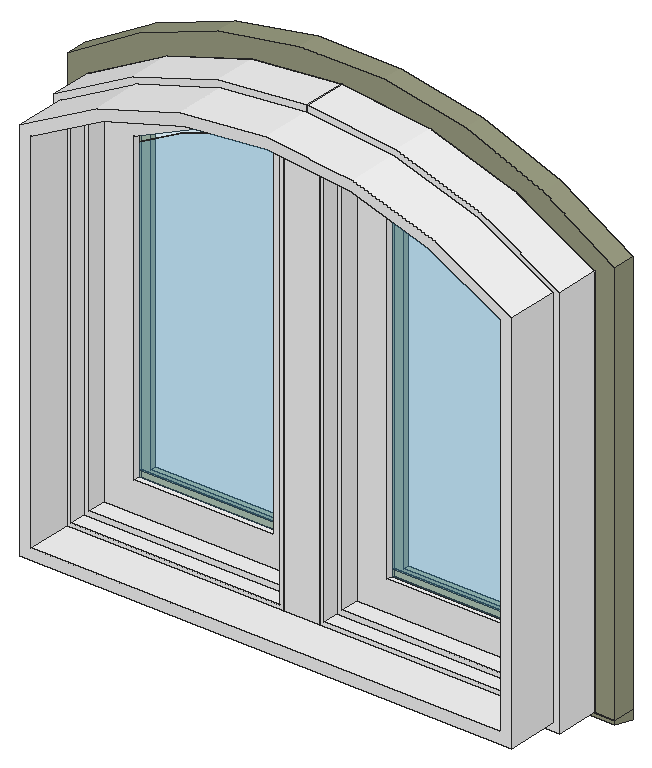
Revit family
Parameters (values of type "2Ft 8In W x 2Ft 6In H (KUS226-SEG)")
  URL = "http://www.kolbe-kolbe.com/productoverview/index.cfm?page=ultrapoc&source=model"
  SmartBIM Object Version = 1  # constant formula
  SmartBIM Object Created By = "Reed Construction Data"  # constant formula
  Sill Nosing = yes
  Sill Extension = if([2In Brickmould], 0' 1 79/256", 0' 0")  # 0' - 1 79/256"
  Show Hinge = yes
  Rough Width = Width + 0' 0 1/2"  # 2' - 8 1/2"
  Rough Height = Height + 0' 0 1/2"  # 2' - 6 1/2"
  Radius = ((Width ^ 2) + (4 * (Drop ^ 2))) / (8 * Drop)  # 2' - 4.1"
  Model = "KUS226-SEG"
  Manufacturer = "Kolbe & Kolbe Millwork Co., Inc."  # constant formula
  Interior Material = Kolbe Ultra Pure White
  Height = 2' - 6"
  Glass Pane Material = Glass
  Exterior Wall Offset = 0' - 0"
  Exterior Sash and Grille Material = Kolbe Spiced Vinegar
  Extension Jamb and Trim Material = Kolbe Bay Leaf
  Emergency Escape & Rescue Opening = no
  Description = "Kolbe Ultra 2-Wide Segment Head Push Out Casement"  # constant formula
  Default Sill Height = 3' - 0"
  Wall Closure = (empty or 0)
  Width = 2' - 8"
  Drop = 0' - 5"
  Curve Adjustment = Height - (Height - Radius)  # 2' - 4.1"
  Assembly Code = ""
  95 CSI = "08550"  # constant formula
  2In Brickmould = yes
  04 CSI = "08 52 00"  # constant formula
Reference planes (in)
  plane 1 "Center (Front/Back)": y = 0
  plane 2: z = 0
  plane 3 "Center (Left/Right)": x = 3.36576
  plane 4 "Left": x = -12.63424
  plane 5 "Right": x = 19.36576
  plane 6 "Sill": z = 36
  plane 7 "Top": z = 66
  plane 8: z = 61
  plane 9: z = 37.9
  plane 10 "Exterior Wall Edge": y = 3
  plane 11 "Exterior Wall Offset Plane": y = 3
  plane 12 "Jamb Extension Left": x = -12.19674
  plane 13 "Jamb Extension Right": x = 18.92826
  plane 14 "Right Sill Edge": x = 20.67436
  plane 15 "Left Sill Edge": x = -13.94283
  plane 16 "Exterior Edge of Glass": y = 3.36195
  plane 17: y = 3.23695
  plane 18 "Interior Edge of Glass": y = 2.48395
  plane 19: y = 2.60895
  plane 20 "Right Sash Interior Edge": x = 2.4517
  plane 21: x = 4.65483
  plane 22 "Left Interior Glass Edge": x = 0.30326
  plane 23 "Right Interior Glass Edge": x = 6.42826
  plane 24 "Top of Hinge": z = 62.78928
  plane 25 "Top of Mull": z = 65
  plane 26: z = 65.5
  plane 27: x = 16.30326
  plane 28: x = 4.27983
  plane 29: x = -9.57174
Forms (in)
  Sweep 1, solid, material "Kolbe Bay Leaf" <- "Extension Jamb and Trim Material", visible <- "2In Brickmould"
    path origin (0, 3, 0) x (-1, 0, 0) y (0, 0, 1)
      loop
        line (12.63424, 36) -> (12.63424, 61)
        arc (12.63424, 61) -> (-3.36576, 66) -> (-19.36576, 61) r 28.1
        line (-19.36576, 61) -> (-19.36576, 36)
    profile "Profile-2In Brickmould : Profile-2In Brickmould" origin (19.36576, 3, 48.5) x (-1, 0, 0) y (0, 1, 0)
      loop
        line (0.65319, 1.30759) -> (0.62043, 1.37785) -> (-0.24542, 1.37785) -> (-0.665, 1.1906) -> (-0.99542, 1.31535) -> (-0.99542, 1.37785) -> (-1.30792, 1.37785) -> (-1.30792, 0) -> (0, 0) -> (0, 1.30759) -> (0.65319, 1.30759)
  Sweep 2, solid, material "Kolbe Spiced Vinegar" <- "Exterior Sash and Grille Material"
    path origin (0, 3, 0) x (-1, 0, 0) y (0, 0, 1)
      loop
        line (-19.36576, 61) -> (-19.36576, 36) -> (-3.36576, 36) -> (-3.36576, 66)
        arc (-3.36576, 66) -> (-11.74729, 64.72089) -> (-19.36576, 61) r 28.1
    profile origin (19.36576, 3, 48.5) x (0, 1, 0) y (-1, 0, 0)
      loop
        line (0.79859, 3.5625) -> (0.42359, 3.5625) -> (0.42359, 2.9375) -> (0, 2.9375) -> (0, 0.9375) -> (0.79859, 0.9375) -> (0.79859, 3.5625)
  Sweep 3, solid, material "Kolbe Ultra Pure White" <- "Interior Material"
    path origin (0, 3, 0) x (-1, 0, 0) y (0, 0, 1)
      loop
        line (-19.36576, 61) -> (-19.36576, 36) -> (-3.36576, 36) -> (-3.36576, 66)
        arc (-3.36576, 66) -> (-11.74729, 64.72089) -> (-19.36576, 61) r 28.1
    profile origin (19.36576, 3, 48.5) x (0, 1, 0) y (-1, 0, 0)
      loop
        line (-0.51391, 3.5625) -> (-0.88891, 3.5625) -> (-0.88891, 0.9375) -> (0, 0.9375) -> (0, 2.9375) -> (-0.51391, 2.9375) -> (-0.51391, 3.5625)
  Sweep 4, solid, material "Kolbe Bay Leaf" <- "Extension Jamb and Trim Material"
    path origin (0, 3, 0) x (-1, 0, 0) y (0, 0, 1)
      loop
        line (-19.36576, 61) -> (-19.36576, 36) -> (12.63424, 36) -> (12.63424, 61)
        arc (12.63424, 61) -> (-3.36576, 66) -> (-19.36576, 61) r 28.1
    profile origin (19.36576, 3, 48.5) x (0, 1, 0) y (-1, 0, 0)
      loop
        line (0, 0.9375) -> (0, 0) -> (1.30734, 0) -> (1.30734, 0.65319) -> (0.79859, 0.69797) -> (0.79859, 0.9375) -> (0, 0.9375)
  Sweep 5, solid, material "Kolbe Ultra Pure White" <- "Interior Material"
    path origin (0, 3, 0) x (-1, 0, 0) y (0, 0, 1)
      loop
        line (-18.92826, 60.85235) -> (-18.92826, 36.4375) -> (12.19674, 36.4375) -> (12.19674, 60.85235)
        arc (12.19674, 60.85235) -> (-3.36576, 65.63088) -> (-18.92826, 60.85235) r 27.73088
    profile origin (18.92826, 3, 48.64492) x (0, 1, 0) y (-1, 0, 0)
      loop
        line (-6, 0) -> (-2.75, 0) -> (-2.75, 0.6875) -> (-6, 0.6875) -> (-6, 0)
  Sweep 6, solid, material "Kolbe Bay Leaf" <- "Extension Jamb and Trim Material", visible <- "Sill Nosing"
    path origin (0, 3, 0) x (-1, 0, 0) y (0, 0, 1)
      loop
        line (13.94283, 36) -> (-20.67436, 36)
    profile "Profile-Sill-Standard-Extrusion : Profile-Sill-Standard-Extrusion" origin (3.36576, 3, 36) x (0, 0, -1) y (0, 1, 0)
      loop
        line (0, 1.37967) -> (0, 0) -> (0.24614, 0) -> (0.59013, 1.37967) -> (0, 1.37967)
  Sweep 7, solid, material "Kolbe Ultra Pure White" <- "Interior Material"
    path origin (0, 3, 0) x (-1, 0, 0) y (0, 0, 1)
      loop
        line (-19.36576, 61) -> (-19.36576, 36) -> (-3.36576, 36) -> (-3.36576, 66)
        arc (-3.36576, 66) -> (-11.74729, 64.72089) -> (-19.36576, 61) r 28.1
    profile origin (19.36576, 3, 48.5) x (0, 1, 0) y (-1, 0, 0)
      loop
        line (-2.10766, 1.6875) -> (-2.10766, 1.375) -> (-3.13891, 1.375) -> (-3.13891, 1.12644) -> (-0.88891, 1.12644) -> (-0.88891, 1.6875) -> (-2.10766, 1.6875)
  Sweep 8, solid, material "Kolbe Ultra Pure White" <- "Interior Material"
    path origin (0, 3, 0) x (-1, 0, 0) y (0, 0, 1)
      loop
        line (12.63424, 36) -> (12.63424, 61)
        arc (12.63424, 61) -> (5.01576, 64.72089) -> (-3.36576, 66) r 28.1
        line (-3.36576, 66) -> (-3.36576, 36) -> (12.63424, 36)
    profile origin (-12.63424, 3, 48.5) x (1, 0, 0) y (0, 1, 0)
      loop
        line (3.5625, -0.51391) -> (2.9375, -0.51391) -> (2.9375, 0) -> (0.9375, 0) -> (0.9375, -0.88891) -> (3.5625, -0.88891) -> (3.5625, -0.51391)
  Sweep 9, solid, material "Kolbe Spiced Vinegar" <- "Exterior Sash and Grille Material"
    path origin (0, 3, 0) x (-1, 0, 0) y (0, 0, 1)
      loop
        line (12.63424, 36) -> (12.63424, 61)
        arc (12.63424, 61) -> (5.01576, 64.72089) -> (-3.36576, 66) r 28.1
        line (-3.36576, 66) -> (-3.36576, 36) -> (12.63424, 36)
    profile origin (-12.63424, 3, 48.5) x (1, 0, 0) y (0, 1, 0)
      loop
        line (0.9375, 0.79859) -> (0.9375, 0) -> (2.9375, 0) -> (2.9375, 0.42359) -> (3.5625, 0.42359) -> (3.5625, 0.79859) -> (0.9375, 0.79859)
  Extrusion 10, solid, material "Glass" <- "Glass Pane Material"
    sketch origin (0, 3, 0) x (-1, 0, 0) y (0, 0, 1)
      loop
        line (-16.30326, 58.91866) -> (-16.30326, 39.4375) -> (-6.42826, 39.4375) -> (-6.42826, 62.45314)
        arc (-6.42826, 62.45314) -> (-11.55587, 61.21702) -> (-16.30326, 58.91866) r 24.65825
      loop
        line (9.57174, 39.4375) -> (9.57174, 58.91866)
        arc (9.57174, 58.91866) -> (4.82434, 61.21702) -> (-0.30326, 62.45314) r 24.65825
        line (-0.30326, 62.45314) -> (-0.30326, 39.4375) -> (9.57174, 39.4375)
    from 0.23695 to 0.36195
  Extrusion 11, solid, material "Glass" <- "Glass Pane Material"
    sketch origin (0, 2.37201, 0) x (-1, 0, 0) y (0, 0, 1)
      loop
        line (-16.30326, 59.3558) -> (-16.30326, 39.4375) -> (-6.42826, 39.4375) -> (-6.42826, 62.80989)
        arc (-6.42826, 62.80989) -> (-11.54843, 61.60508) -> (-16.30326, 59.3558) r 25.00398
      loop
        line (9.57174, 39.4375) -> (9.57174, 58.26664)
        arc (9.57174, 58.26664) -> (4.8338, 60.61831) -> (-0.30326, 61.87882) r 24.08054
        line (-0.30326, 61.87882) -> (-0.30326, 39.4375) -> (9.57174, 39.4375)
    from 0.11195 to 0.23695
  Sweep 12, solid, material "Kolbe Ultra Pure White" <- "Interior Material"
    path origin (6.73153, 3, 0) x (1, 0, 0) y (0, 0, 1)
      loop
        line (-19.36576, 61) -> (-19.36576, 36) -> (-3.36576, 36) -> (-3.36576, 66)
        arc (-3.36576, 66) -> (-11.74729, 64.72089) -> (-19.36576, 61) r 28.1
    profile origin (-12.63424, 3, 48.5) x (0, 1, 0) y (-1, 0, 0)
      loop
        line (-2.10766, -1.6875) -> (-0.88891, -1.6875) -> (-0.88891, -1.125) -> (-3.13891, -1.125) -> (-3.13891, -1.375) -> (-2.10766, -1.375) -> (-2.10766, -1.6875)
  Sweep 13, solid, material "Kolbe Ultra Pure White" <- "Interior Material"
    path origin (-8, 3, 0) x (-1, 0, 0) y (0, 0, 1)
      loop
        line (-11.36576, 66) -> (-11.36576, 36) -> (4.63424, 36) -> (4.63424, 61)
        arc (4.63424, 61) -> (-2.98424, 64.72089) -> (-11.36576, 66) r 28.1
    profile origin (3.36576, 3, 51) x (0, 1, 0) y (-1, 0, 0)
      loop
        line (-2.74828, 1.12644) -> (-2.74828, 0) -> (0, 0) -> (0, 0.9375) -> (-0.88891, 0.9375) -> (-0.88891, 1.12644) -> (-2.74828, 1.12644)
  Extrusion 14, solid, material "Kolbe Ultra Pure White" <- "Interior Material"
    sketch origin (0, 0, 36) x (0, -1, 0) y (1, 0, 0)
      loop
        line (0.13891, 2.24076) -> (0.13891, 4.4922) -> (-0.25172, 4.4922) -> (-0.25172, 2.24076) -> (0.13891, 2.24076)
    from 1.125 to 29
  Extrusion 15, solid, material "Kolbe Bay Leaf" <- "Extension Jamb and Trim Material"
    sketch origin (0, 0, 36) x (0, -1, 0) y (1, 0, 0)
      loop
        line (-3.79859, 2.42826) -> (-3, 2.42826) -> (-3, 4.30326) -> (-3.79859, 4.30326) -> (-3.79859, 4.04175) -> (-4.30759, 3.99695) -> (-4.30759, 2.73458) -> (-3.79859, 2.68978) -> (-3.79859, 2.42826)
    from 0 to 29.5
  Sweep 16, solid, material "Kolbe Ultra Pure White" <- "Interior Material"
    path origin (14.73153, 3, 0) x (1, 0, 0) y (0, 0, 1)
      loop
        line (-11.36576, 66) -> (-11.36576, 36) -> (4.63424, 36) -> (4.63424, 61)
        arc (4.63424, 61) -> (-2.98424, 64.72089) -> (-11.36576, 66) r 28.1
    profile origin (3.36576, 3, 51) x (0, 1, 0) y (-1, 0, 0)
      loop
        line (-2.74828, -1.12644) -> (-0.88891, -1.12644) -> (-0.88891, -0.9375) -> (0, -0.9375) -> (0, 0) -> (-2.74828, 0) -> (-2.74828, -1.12644)
Cuts and joins
  joined: Sweep 4, Extrusion 15
Lines and regions (in)
  Opening 1
    outline origin (-60, -3, 0) x (1, 0, 0) y (0, 0, 1)
      loop
        line (47.36576, 61) -> (47.36576, 36) -> (79.36576, 36) -> (79.36576, 61)
        arc (79.36576, 61) -> (63.36576, 66) -> (47.36576, 61) r 28.1
  symbolic lines, style "Windows"
    curve 1: line (3.36576, 4.30759, 36) -> (3.36576, 3, 36)
Text (in)
  text "EXTERIOR" at (-41.72184, 17.60613, 0), in view "Ref. Level"
  text "INTERIOR" at (-41.72184, -10.16343, 0), in view "Ref. Level"
  text "Exterior" at (0, 43.65631, 123.19604), in view "Left"
  text "Exterior" at (0, 18.29385, 125.04747), in view "Right"
Dimensions and locks (in)
  equal spacing: plane 4 "Left", plane 3 "Center (Left/Right)", plane 5 "Right"
  "Height": plane 6 "Sill" to plane 7 "Top"
  "Default Sill Height": plane 2 to plane 6 "Sill"
  "Width": plane 4 "Left" to plane 5 "Right"
  "Drop": plane 8 to plane 7 "Top"
  "Curve Adjustment": plane 9 to plane 7 "Top"
  "Exterior Wall Offset": host wall to plane 11 "Exterior Wall Offset Plane"
  locked: plane 13 "Jamb Extension Right" to plane 5 "Right" at 0.4375
  locked: plane 4 "Left" to plane 12 "Jamb Extension Left" at 0.4375
  locked: Sweep 5 sketch curve to plane 13 "Jamb Extension Right" at 0.6875
  "Sill Extension": plane 5 "Right" to plane 14 "Right Sill Edge"
  "Sill Extension": plane 4 "Left" to plane 15 "Left Sill Edge"
  locked: plane 16 "Exterior Edge of Glass" to plane 11 "Exterior Wall Offset Plane" at 0.36195
  locked: plane 16 "Exterior Edge of Glass" to plane 17 at 0.125
  locked: plane 18 "Interior Edge of Glass" to plane 11 "Exterior Wall Offset Plane" at 0.51605
  locked: plane 19 to plane 18 "Interior Edge of Glass" at 0.125
  locked: plane 3 "Center (Left/Right)" to plane 20 "Right Sash Interior Edge" at 0.91406
  locked: plane 21 to plane 23 "Right Interior Glass Edge" at 1.77344
  host wall to host wall = 10' - 0"
  locked: plane 24 "Top of Hinge" to plane 7 "Top" at 3.21072
  locked: plane 7 "Top" to plane 25 "Top of Mull" at 1
  equal spacing: plane 25 "Top of Mull", plane 26, plane 7 "Top"
  locked: plane 27 to plane 5 "Right" at 3.0625
  locked: plane 22 "Left Interior Glass Edge" to plane 20 "Right Sash Interior Edge" at 2.14844
  plane 23 "Right Interior Glass Edge" to plane 28 = 0' - 2 19/128"
  locked: plane 4 "Left" to plane 29 at 3.0625
  locked: Extrusion 11 sketch curve to Sweep 2 at 0.125
  locked: Extrusion 11 sketch curve to Sweep 9 at 0.125
  locked: Extrusion 10 sketch curve to Sweep 2 at 0.125
  locked: Extrusion 10 sketch curve to Sweep 9 at 0.125
  locked: Extrusion 10 sketch curve to plane 8 at 2.08134  (x2)
  "Radius": radius of Opening 1 sketch curve
  aligned and locked: plane 6 "Sill" to Opening 1 sketch curve  (x2)
  aligned and locked: plane 5 "Right" to Opening 1 sketch curve
  aligned and locked: plane 4 "Left" to Opening 1 sketch curve
  aligned and locked: host wall to plane 10 "Exterior Wall Edge"
  aligned and locked: plane 5 "Right" to Sweep 1 sketch curve
  aligned and locked: plane 4 "Left" to Sweep 1 sketch curve
  aligned and locked: plane 6 "Sill" to Sweep 1 sketch curve  (x2)
  aligned and locked: Sweep 2 sketch curve to plane 5 "Right"
  aligned and locked: plane 6 "Sill" to Sweep 2 sketch curve
  aligned and locked: Sweep 5 sketch curve to plane 13 "Jamb Extension Right"
  aligned and locked: Sweep 5 sketch curve to plane 12 "Jamb Extension Left"
  aligned and locked: plane 13 "Jamb Extension Right" to Sweep 5 sketch curve
  aligned and locked: Sweep 5 sketch curve to host wall
  aligned and locked: Sweep 3 sketch curve to plane 6 "Sill"
  aligned and locked: Sweep 4 sketch curve to plane 6 "Sill"
  aligned and locked: Sweep 6 sketch curve to plane 6 "Sill"
  aligned and locked: plane 14 "Right Sill Edge" to Sweep 6 sketch curve
  aligned and locked: plane 15 "Left Sill Edge" to Sweep 6 sketch curve
  aligned and locked: Sweep 8 sketch curve to plane 4 "Left"
  aligned and locked: Sweep 8 sketch curve to plane 6 "Sill"
  aligned and locked: Sweep 1 sketch curve to host wall
  aligned and locked: Sweep 2 sketch curve to host wall
  aligned and locked: Sweep 8 sketch curve to host wall
  aligned and locked: Extrusion 10 sketch curve to plane 22 "Left Interior Glass Edge"
  aligned and locked: Extrusion 10 sketch curve to plane 23 "Right Interior Glass Edge"
  aligned and locked: Extrusion 10 to plane 17
  aligned and locked: Extrusion 10 to plane 16 "Exterior Edge of Glass"
  aligned and locked: Extrusion 11 to plane 18 "Interior Edge of Glass"
  aligned and locked: Extrusion 11 to plane 19
  aligned and locked: plane 3 "Center (Left/Right)" to Sweep 8 sketch curve
  aligned and locked: plane 3 "Center (Left/Right)" to Sweep 9 sketch curve
  aligned and locked: plane 3 "Center (Left/Right)" to Sweep 3 sketch curve
  aligned and locked: Sweep 2 sketch curve to plane 3 "Center (Left/Right)"
  aligned and locked: Sweep 7 sketch curve to plane 3 "Center (Left/Right)"
  aligned and locked: Sweep 12 sketch curve to plane 3 "Center (Left/Right)"
  aligned and locked: plane 6 "Sill" to Sweep 12 sketch curve
  aligned and locked: Sweep 12 sketch curve to plane 4 "Left"
  aligned and locked: plane 4 "Left" to Sweep 13 sketch curve
  aligned and locked: plane 3 "Center (Left/Right)" to Sweep 13 sketch curve
  aligned and locked: Sweep 13 sketch curve to plane 6 "Sill"
  aligned and locked: Sweep 13 sketch curve to host wall
  aligned and locked: Extrusion 14 to Sweep 5
  aligned and locked: plane 25 "Top of Mull" to Extrusion 14
  aligned and locked: Sweep 4 sketch curve to plane 4 "Left"
  aligned and locked: plane 11 "Exterior Wall Offset Plane" to Extrusion 15 sketch curve
  aligned and locked: plane 11 "Exterior Wall Offset Plane" to curve 1
  aligned and locked: Sweep 3 sketch curve to Sweep 4
  aligned and locked: Sweep 4 to Sweep 9 sketch curve
  aligned and locked: Sweep 9 to Sweep 8 sketch curve
  aligned and locked: Extrusion 15 sketch curve to Sweep 9
  aligned and locked: Sweep 13 sketch curve to Sweep 9
  aligned and locked: Sweep 13 sketch curve to Sweep 8  (x2)
  aligned and locked: Sweep 13 sketch curve to curve 1
  aligned and locked: plane 5 "Right" to Sweep 16 sketch curve  (x2)
  aligned and locked: plane 3 "Center (Left/Right)" to Sweep 16 sketch curve
  aligned and locked: plane 6 "Sill" to Sweep 16 sketch curve
  aligned and locked: plane 6 "Sill" to Extrusion 15
  aligned and locked: plane 26 to Extrusion 15
  aligned and locked: plane 27 to Extrusion 10
  aligned and locked: plane 27 to Extrusion 11
  aligned and locked: plane 29 to Extrusion 10
  aligned and locked: plane 29 to Extrusion 11
  aligned and locked: Extrusion 11 sketch curve to plane 22 "Left Interior Glass Edge"
  aligned and locked: plane 29 to Extrusion 11 sketch curve  (x2)
  aligned and locked: plane 22 "Left Interior Glass Edge" to Extrusion 10 sketch curve
  aligned and locked: Sweep 2 to nested 2  (x2)
  aligned and locked: nested 2 to Sweep 2  (x2)
  aligned and locked: nested 1 to Sweep 9  (x4)
  aligned and locked: Sweep 7 sketch curve to Sweep 16
  aligned and locked: Extrusion 14 sketch curve to Sweep 7  (x2)
  aligned and locked: Extrusion 14 sketch curve to Sweep 12
  aligned and locked: Extrusion 14 sketch curve to Sweep 16
  aligned and locked: plane 4 "Left" to Sweep 9 sketch curve
  aligned and locked: plane 4 "Left" to Sweep 8 sketch curve
  aligned and locked: plane 29 to Extrusion 10 sketch curve  (x2)
  aligned and locked: plane 27 to Extrusion 10 sketch curve
  aligned and locked: plane 23 "Right Interior Glass Edge" to Extrusion 11 sketch curve
  aligned and locked: plane 22 "Left Interior Glass Edge" to Extrusion 11 sketch curve
  aligned and locked: plane 27 to Extrusion 11 sketch curve
Automatic sketch dimensions
  Sweep 12 sketch curve to plane 9 = 0' - 0"
  Sweep 12 sketch curve to plane 8 = 0' - 0"
  Sweep 16 sketch curve to plane 9 = 0' - 0"
  Sweep 16 sketch curve to plane 8 = 0' - 0"
  Opening 1 sketch curve to plane 3 "Center (Left/Right)" = 0' - 0"
  Opening 1 sketch curve to plane 9 = 0' - 0"
  Sweep 3 sketch curve to plane 5 "Right" = 0' - 0"
  Sweep 3 sketch curve to plane 9 = 0' - 0"
  Sweep 3 sketch curve to plane 8 = 0' - 0"
  Sweep 4 sketch curve to plane 5 "Right" = 0' - 0"
  Sweep 4 sketch curve to plane 3 "Center (Left/Right)" = 0' - 0"
  Sweep 4 sketch curve to plane 9 = 0' - 0"
  Sweep 4 sketch curve to plane 8 = 0' - 0"
  Sweep 5 sketch curve to plane 3 "Center (Left/Right)" = 0' - 0"
  Sweep 5 sketch curve to plane 9 = 0' - 0"
  Sweep 5 sketch curve to plane 6 "Sill" = 0' - 0 7/16"
  Sweep 5 sketch curve to plane 8 = 0' - 0.14765"
  Sweep 5 sketch curve to plane 11 "Exterior Wall Offset Plane" = 0' - 2 3/4"
  Sweep 7 sketch curve to plane 5 "Right" = 0' - 0"
  Sweep 7 sketch curve to plane 6 "Sill" = 0' - 0"
  Sweep 7 sketch curve to plane 9 = 0' - 0"
  Sweep 7 sketch curve to plane 8 = 0' - 0"
  curve 1 to plane 3 "Center (Left/Right)" = 0' - 0"
  plane 16 "Exterior Edge of Glass" to curve 1 = 0' - 0.94565"
  Sweep 4 sketch curve to plane 11 "Exterior Wall Offset Plane" = 0' - 0"
  Sweep 4 sketch curve to profile plane = 0' - 0"
  plane 11 "Exterior Wall Offset Plane" to Sweep 4 sketch curve = 0' - 0.79859"
  Sweep 4 sketch curve to profile plane = 0' - 0.65319"
  Sweep 4 sketch curve to Sweep 4 sketch curve = 0' - 0.50875"
  Sweep 4 sketch curve to Sweep 4 sketch curve = 0' - 0.04478"
  Sweep 4 sketch curve to Sweep 4 sketch curve = 0' - 0.23953"
  Sweep 3 sketch curve to plane 11 "Exterior Wall Offset Plane" = 0' - 0"
  Sweep 3 sketch curve to plane 11 "Exterior Wall Offset Plane" = 0' - 0.51391"
  Sweep 3 sketch curve to Sweep 3 sketch curve = 0' - 2"
  Sweep 3 sketch curve to Sweep 3 sketch curve = 0' - 0 5/8"
  Sweep 2 sketch curve to plane 11 "Exterior Wall Offset Plane" = 0' - 0"
  plane 11 "Exterior Wall Offset Plane" to Sweep 2 sketch curve = 0' - 0.42359"
  plane 11 "Exterior Wall Offset Plane" to Sweep 2 sketch curve = 0' - 0.79859"
  Sweep 2 sketch curve to profile plane = 0' - 0 15/16"
  Sweep 2 sketch curve to Sweep 2 sketch curve = 0' - 2"
  Sweep 2 sketch curve to Sweep 2 sketch curve = 0' - 0 5/8"
  Sweep 16 sketch curve to profile plane = 0' - 0"
  Sweep 16 sketch curve to plane 11 "Exterior Wall Offset Plane" = 0' - 0"
  Sweep 16 sketch curve to plane 11 "Exterior Wall Offset Plane" = 0' - 0.88891"
  Sweep 16 sketch curve to Sweep 16 sketch curve = 0' - 1 55/64"
  profile plane to Sweep 16 sketch curve = 0' - 0 15/16"
  Sweep 16 sketch curve to Sweep 16 sketch curve = 0' - 0.18894"
  Sweep 7 sketch curve to plane 11 "Exterior Wall Offset Plane" = 0' - 3.13891"
  Sweep 7 sketch curve to Sweep 7 sketch curve = 0' - 1 1/32"
  Sweep 7 sketch curve to plane 11 "Exterior Wall Offset Plane" = 0' - 0.88891"
  Sweep 7 sketch curve to Sweep 7 sketch curve = 0' - 0.24856"
  Sweep 7 sketch curve to Sweep 7 sketch curve = 0' - 0.56106"
  Sweep 9 sketch curve to profile plane = 0' - 0 15/16"
  Sweep 9 sketch curve to Sweep 9 sketch curve = 0' - 2"
  Sweep 9 sketch curve to Sweep 9 sketch curve = 0' - 0 5/8"
  plane 11 "Exterior Wall Offset Plane" to Sweep 9 sketch curve = 0' - 0.42359"
  plane 11 "Exterior Wall Offset Plane" to Sweep 9 sketch curve = 0' - 0.79859"
  Sweep 8 sketch curve to profile plane = 0' - 0 15/16"
  Sweep 8 sketch curve to Sweep 8 sketch curve = 0' - 2"
  Sweep 8 sketch curve to Sweep 8 sketch curve = 0' - 0 5/8"
  Sweep 8 sketch curve to Sweep 8 sketch curve = 0' - 0.51391"
  Sweep 8 sketch curve to Sweep 8 sketch curve = 0' - 0.88891"
  profile plane to Sweep 12 sketch curve = 0' - 1 1/8"
  Sweep 12 sketch curve to plane 11 "Exterior Wall Offset Plane" = 0' - 3.13891"
  Sweep 12 sketch curve to Sweep 12 sketch curve = 0' - 1 1/32"
  Sweep 12 sketch curve to plane 11 "Exterior Wall Offset Plane" = 0' - 0.88891"
  Sweep 12 sketch curve to Sweep 12 sketch curve = 0' - 0 1/4"
  Sweep 12 sketch curve to Sweep 12 sketch curve = 0' - 0 5/16"
  Extrusion 15 sketch curve to plane 28 = 0' - 0 3/128"
  plane 16 "Exterior Edge of Glass" to Extrusion 15 sketch curve = 0' - 0.43665"  (x2)
  plane 20 "Right Sash Interior Edge" to Extrusion 15 sketch curve = 0' - 0.28287"
  Extrusion 15 sketch curve to Extrusion 15 sketch curve = 0' - 0.509"
  plane 20 "Right Sash Interior Edge" to Extrusion 15 sketch curve = 0' - 0.23807"
  plane 28 to Extrusion 15 sketch curve = 0' - 0.23807"
  plane 28 to Extrusion 15 sketch curve = 0' - 0.28287"
  Sweep 9 sketch curve to plane 6 "Sill" = 0' - 0"
  Sweep 9 sketch curve to plane 9 = 0' - 0"
  Sweep 9 sketch curve to plane 8 = 0' - 0"
  plane 3 "Center (Left/Right)" to Extrusion 11 sketch curve = 0' - 0.07281"
  Extrusion 11 sketch curve to plane 3 "Center (Left/Right)" = 0' - 0.07281"
  plane 9 to Extrusion 11 sketch curve = 0' - 0.10326"  (x2)
  Extrusion 11 sketch curve to plane 8 = 0' - 1.6442"
  plane 24 "Top of Hinge" to Extrusion 11 sketch curve = 0' - 0.91046"
  plane 3 "Center (Left/Right)" to Extrusion 10 sketch curve = 0' - 0.11941"
  Extrusion 10 sketch curve to plane 3 "Center (Left/Right)" = 0' - 0.11941"
  plane 9 to Extrusion 10 sketch curve = 0' - 0.10105"  (x2)
Nested families (in)
  nested 1: "Swing_Elevation" at (-0.19674, 0, 39.5625) x (-1, 0, 0) z (0, 1, 0), visible <- "Show Hinge", type "Swing_Elevation"
    with Width 0' - 8 7/8", Height 1' - 10.61501"
  nested 2: "Swing_Elevation" at (6.92826, 0, 39.5625) x (1, 0, 0) z (0, 1, 0), visible <- "Show Hinge", type "Swing_Elevation"
    with Width 0' - 8 7/8", Height 1' - 10.61501"
Definition of nested family "Swing_Elevation"
  Parameters (values of type "Swing_Elevation")
    Width [instance] = 1' - 0"
    Hinge Right = yes
    Hinge Left = no
    Height [instance] = 1' - 6"
    Assembly Code = ""
  Reference planes (in)
    plane 1 "Bottom": y = 0
    plane 2: z = 0
    plane 3 "Left": x = 0
    plane 4 "Right": x = 12
    plane 5 "Top": y = 18
    plane 6: y = 9
  Lines and regions (in)
    detail lines, style "DetailComponentsHiddenLines", in view "Ref. Level", visible <- "Hinge Left"
      curve 1: line (12, 18, 0) -> (0, 9, 0)
      curve 2: line (0, 9, 0) -> (12, 0, 0)
    detail lines, style "DetailComponentsHiddenLines", in view "Ref. Level", visible <- "Hinge Right"
      curve 3: line (0, 18, 0) -> (12, 9, 0)
      curve 4: line (12, 9, 0) -> (0, 0, 0)
  Dimensions and locks (in)
    equal spacing: plane 1 "Bottom", plane 6, plane 5 "Top"
    "Width": plane 3 "Left" to plane 4 "Right"
    "Height": plane 1 "Bottom" to plane 5 "Top"
    aligned and locked: plane 1 "Bottom" to curve 4
    aligned and locked: plane 3 "Left" to curve 4
  Automatic sketch dimensions
    curve 1 to plane 3 "Left" = 0' - 0"
    curve 3 to plane 3 "Left" = 0' - 0"
    curve 3 to plane 4 "Right" = 0' - 0"
    curve 2 to plane 1 "Bottom" = 0' - 0"
    curve 2 to plane 4 "Right" = 0' - 0"
    curve 1 to plane 4 "Right" = 0' - 0"
    curve 2 to plane 6 = 0' - 0"
    curve 4 to plane 6 = 0' - 0"
    curve 3 to plane 5 "Top" = 0' - 0"
    curve 1 to plane 5 "Top" = 0' - 0"
